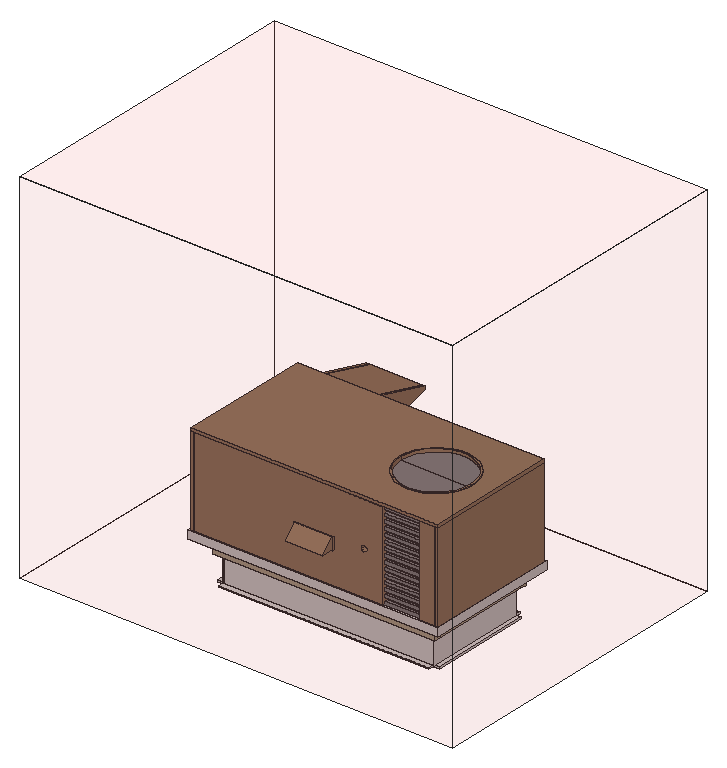
Revit family "Heat_Pump-Packaged_Rooftop-York-XP036-060-(3-5Ton)", category Mechanical Equipment, Revit 2023
Family settings
  Round Connector Dimension = Use Radius
  Part Type = Normal
  Work Plane-Based = No
  Always vertical = Yes
  Cut with Voids When Loaded = No
  Maintain Annotation Orientation = No
  Shared = No
  Room Calculation Point = No
Parameters (values of type "3 Ton - Electric Heat - 208V")
  Width = 44 7/8"
  Voltage = 0 V
  URL = "http://www.johnsoncontrols.com/publish/us/en.html"
  Supply Fan Full Load Current = 0 A
  Supply Air Connection Width [instance] = 18"
  Supply Air Connection Height [instance] = 12"
  Serial Number [instance] = ""
  Seasonal Energy Efficiency Rating = 13  # constant formula
  Return Air Dry Bulb Temperature [instance] = 75 °F
  Return Air Connection Width [instance] = 18"
  Return Air Connection Height [instance] = 12"
  Refrigerant Used = "R-410A"  # constant formula
  Refrigerant Charge = 13.00 lbf  # constant formula
  Product Page URL = "http://www.johnsoncontrols.com/publish/us/en/products/building_efficiency/integrated_hvac_systems/Industrial___Commercial_HVAC_Equipment/single-package_units/series_5.html"
  Power Factor = 1  # constant formula
  Power Exhaust Operating Weight = 50.00 lbf  # constant formula
  Outdoor Ambient Temperature [instance] = 75 °F
  Outdoor Air Wet Bulb Temperature [instance] = 75 °F
  Operating Weight = 575.00 lbf
  OD Fan Motor Full Load Current = 0 A
  Number of Poles = 1
  Nominal Cooling Capacity = 5.0 ton
  Nominal Air Flow = 1200 CFM
  Minimum Circuit Current = 0 A
  Minimum Applied Voltage = 0 V
  Maximum Overcurrent Protection = 0 A
  Maximum Applied Voltage = 0 V
  Hood Model [instance] = Commercial_Comfort_System-Single_Packaged_Unit-Johnson_Controls-Series_5-Economizer_Hood : Economizer Hood
  Heating Seasonal Performance Factor = 7.7  # constant formula
  Heating Nominal Input Power [instance] = 0 kW
  Frequency = 60 Hz  # constant formula
  Frame Finish = Paint - JCI - Powder - Champagne
  Filter Size and Quantity = "15x20-2, 14x25-1"  # constant formula
  Family Revision Date = "06/10/2010"  # constant formula
  External Static Pressure [instance] = 0 in-wg
  Evaporator Refrigerant Control = "TXV"  # constant formula
  Evaporator Coil Row Count = 4  # constant formula
  Evaporator Coil Fins per Inch = 13  # constant formula
  Energy Efficiency Rating = 11
  Electric Heat Wattage = 0 W
  Electric Heat Operating Weight = 28.00 lbf  # constant formula
  Electric Heat Model = ""
  Electric Heat Minimum Supply Air Flow [instance] = 0 CFM
  Electric Heat Current = 0 A
  Economizer Operating Weight = 50.00 lbf  # constant formula
  Direct Drive Motor Speed [instance] = ""
  Direct Drive Evaporator Fan Type = "Centrifugal"  # constant formula
  Direct Drive Evaporator Fan RPM = 1050  # constant formula
  Supply Air Connection Description = "Supply Air"  # constant formula
  Return Air Connection Description = "Return Air"  # constant formula
  Product Documentation Link = "http://www.johnsoncontrols.com/publish/etc/medialib/jci/be/commercial/products/industrial___commercial/single-package_units.Par.46166.File.dat/series%205%20JZJ-XP.pdf"
  Electrical Connection Description = "Equipment Power"  # constant formula
  OmniClass Title = "Packaged Air Conditioners"  # constant formula
  OmniClass Number = "23.75.10.24.21.27.11"  # constant formula
  Motorized Hood Visibility [instance] = no
  Model = "J04XP, Electric, Slab Mount"
  Manufacturer = "Johnson Controls, Inc."  # constant formula
  Length = 82 1/4"
  Keynote = "15700"
  Height = 32 5/8"
  Frame Material = Metal - JCI - Steel - Galvanized
  Economizer Hood Visibility [instance] = yes
  Design Supply Air Flow [instance] = 0 CFM
  Default Elevation = 0"
  Curb Width = 37 1/4"
  Curb Material = Metal - JCI - Galvanized Steel w Wood Nailer
  Curb Length = 73"
  Curb Height [instance] = 14"
  Curb Exists [instance] = yes
  Copyright © = "Copyright © 2001-2009 Johnson Controls"  # constant formula
  Convenience Outlet Voltage = 110 V  # constant formula
  Convenience Outlet Full Load Current = 0 A
  Convenience Outlet Electrical Connection Description = "Convenience Outlet Power"  # constant formula
  Convenience Outlet Visibility [instance] = yes
  Control Description [instance] = ""
  Control Connection Description = "Control Wiring"  # constant formula
  Condenser Fan Type = "Prop"  # constant formula
  Condenser Fan Horsepower = 0.7457 kW / 2  # 0.37285 kW
  Condenser Fan Drive Type = "Direct Drive"  # constant formula
  Condenser Coil Row Count = 2  # constant formula
  Condenser Coil Material = Metal - JCI - Aluminum Micro Channel
  Condenser Coil Fins per Inch = 18  # constant formula
  Condensate Drain Radius = Condensate Drain Connection Diameter / 2  # 3/8"
  Condensate Drain Connection Diameter = 3/4"
  Condensate Drain Connection Description = "Condensate Drain"  # constant formula
  Compressor Type = "Scroll"  # constant formula
  Compressor Running Load Current = 0 A
  Compressor Quantity = 1  # constant formula
  Compressor Maximum Continuous Current = 0 A
  Compressor Locked Rotor Current = 0 A
  Clearance Offset Top = 72"
  Clearance Offset Right = 24"
  Clearance Offset Left [instance] = if(Economizer Hood Visibility, 36", 24")  # 36"
  Clearance Offset Front = 24"
  Clearance Offset Bottom [instance] = if(Curb Exists, CTRL Curb Height, 0")  # 14"
  Clearance Offset Back [instance] = if(or(Motorized Hood Visibility, Economizer Hood Visibility), 36", 12")  # 36"
  Clearance [instance] = Included Clearance : Include Clearance
  CTRL Duct Offset [instance] = if(Curb Exists, 11 3/8", 10 5/8")  # 11 3/8"
  CTRL Duct Angle [instance] = if(Curb Exists, 90.00°, 0.00°)  # 90.00°
  CTRL Curb Height [instance] = if(Curb Exists, if(Curb Height < 9", 8", 14"), 0")  # 14"
  Description = "Air Handling Unit, Commercial Comfort Systems, Series 5, Electrical, 3 to 5 Ton Unit"  # constant formula
  Belt Drive RPM [instance] = 0
  Belt Drive Evaporator Fan Type = "Centrifugal"  # constant formula
  Belt Drive Evaporator Fan RPM = 1725  # constant formula
  Belt Drive Brake Horsepower [instance] = 0
  Assembly Code = "D3060300"
  Actual Supply Air Flow [instance] = 0 CFM
  Actual Return Air Flow [instance] = 0 CFM
  Actual Condensate Drain Flow [instance] = 0 GPM
Reference planes (in)
  plane 1 "Center (Front/Back)": y = 0
  plane 2 "Bottom": z = 14
  plane 3 "Center (Left/Right)": x = 0
  plane 4 "Back": y = 22.4375
  plane 5 "Front": y = -22.4375
  plane 6 "Left": x = -41.125
  plane 7 "Right": x = 41.125
  plane 8 "Top": z = 46.625
  plane 9 "Back Condenser Coil": x = 10.625
  plane 10 "Front Condenser Coil": x = 22.625
  plane 11 "Condenser Coil Front Offset": y = -21.4375
  plane 12 "Condenser Coil Back Offset": y = 21.4375
  plane 13 "Bottom Frame Top": z = 16.5
  plane 14 "Front Wall": y = -21.9375
  plane 15 "Bottom Hood Top": z = 31.0625
  plane 16 "Top Hood Bottom": z = 36.0625
  plane 17 "Back Wall": y = 21.9375
  plane 18 "Condensate Drain Elevation": z = 15.25
  plane 19 "Left Wall": x = -40.625
  plane 20 "Power Entry": y = -18.9375
  plane 21 "Power Entry Two": y = -12.1875
  plane 22 "Left Top Power": z = 22.25
  plane 23 "Left Control Entry": z = 18.375
  plane 24 "Side Ducts Middle": z = 24.375
  plane 25 "Top Ducts Height": z = 38.875
  plane 26 "Return Air Center": x = -24.5
  plane 27 "Damper Bottom": z = 33.125
  plane 28 "Back Offset": y = 24.4375
  plane 29 "Convenience Outlet": x = -42.125
  plane 30 "Right Offset": x = 43.125
  plane 31 "Front Offset": y = -24.4375
  plane 32 "Curb Bottom": z = 0
  plane 33 "Curb Center": y = 0.75
  plane 34 "Return Air Left": x = -33.25
  plane 35 "Return Air Right": x = -15.75
  plane 36 "Supply Air Left": x = -9.25
  plane 37 "Supply Air Right": x = 8.25
  plane 38 "Duct Top": z = 30.125
  plane 39 "Duct Bottom": z = 18.625
  plane 40 "Duct Back": y = 17.0625
  plane 41 "Duct Front": y = 5.5625
  plane 42 "Void Bottom": z = 13
  plane 43 "Supply Air Center": x = -0.5
  plane 44 "Bottom Ducts Center": y = 11.3125
Forms (in)
  Extrusion 1, solid, material "Paint - JCI - Powder - Champagne" <- "Frame Finish", visible <- "Curb Exists", detail levels medium+fine
    sketch origin (0, 0, 0) x (1, 0, 0) y (0, 0, 1)
      loop
        line (8.25, 30.125) -> (-9.25, 30.125) -> (-9.25, 18.625) -> (8.25, 18.625) -> (8.25, 30.125)
      loop
        line (-15.75, 30.125) -> (-33.25, 30.125) -> (-33.25, 18.625) -> (-15.75, 18.625) -> (-15.75, 30.125)
    from -21.9375 to -21.4375
  Revolve 2, void
    sketch origin (-0.5, 0, 0) x (0, -1, 0) y (0, 0, 1)
      loop
        line (-11.3125, 13) -> (-11.00783, 13) -> (-11.00783, 13.30467) -> (-11.3125, 13.30467) -> (-11.3125, 13)
      axis (-11.3125, 13.30467) -> (-11.3125, 13)
    angle from 0 to 360
  Revolve 3, void
    sketch origin (-24.5, 0, 0) x (0, -1, 0) y (0, 0, 1)
      loop
        line (-11.3125, 13) -> (-11.00783, 13) -> (-11.00783, 13.30467) -> (-11.3125, 13.30467) -> (-11.3125, 13)
      axis (-11.3125, 13.30467) -> (-11.3125, 13)
    angle from 0 to 360
Lines and regions (in)
  Masking region 1, detail levels coarse
    outline origin (0, 0, 0) x (1, 0, 0) y (0, 0, 1)
      loop
        line (-41.125, 46.625) -> (-41.125, 14) -> (41.125, 14) -> (41.125, 46.625) -> (-41.125, 46.625)
  Masking region 2, detail levels coarse
    outline origin (0, 0, 0) x (0, 1, 0) y (0, 0, 1)
      loop
        line (-22.4375, 46.625) -> (-22.4375, 14) -> (22.4375, 14) -> (22.4375, 46.625) -> (-22.4375, 46.625)
Dimensions and locks (in)
  equal spacing: plane 6 "Left", plane 3 "Center (Left/Right)", plane 7 "Right"
  "Length": plane 6 "Left" to plane 7 "Right"
  equal spacing: plane 4 "Back", plane 1 "Center (Front/Back)", plane 5 "Front"
  "Width": plane 4 "Back" to plane 5 "Front"
  "Height": plane 8 "Top" to plane 2 "Bottom"
  locked: plane 11 "Condenser Coil Front Offset" to plane 5 "Front" at 1
  locked: plane 13 "Bottom Frame Top" to plane 2 "Bottom" at 2.5
  locked: plane 9 "Back Condenser Coil" to plane 7 "Right" at 30.5
  locked: plane 9 "Back Condenser Coil" to plane 10 "Front Condenser Coil" at 12
  locked: plane 14 "Front Wall" to plane 5 "Front" at 0.5
  locked: plane 15 "Bottom Hood Top" to plane 13 "Bottom Frame Top" at 14.5625
  locked: plane 16 "Top Hood Bottom" to plane 15 "Bottom Hood Top" at 5
  locked: plane 18 "Condensate Drain Elevation" to plane 2 "Bottom" at 1.25
  locked: plane 2 "Bottom" to connector elem at 1.25
  locked: plane 6 "Left" to plane 19 "Left Wall" at 0.5
  locked: plane 20 "Power Entry" to plane 5 "Front" at 3.5
  locked: plane 21 "Power Entry Two" to plane 20 "Power Entry" at 6.75
  locked: plane 23 "Left Control Entry" to plane 2 "Bottom" at 4.375
  locked: plane 22 "Left Top Power" to plane 2 "Bottom" at 8.25
  locked: connector elem to plane 5 "Front" at 3.5  (x2)
  locked: plane 2 "Bottom" to connector elem at 4.375  (x2)
  locked: plane 2 "Bottom" to connector elem at 8.25
  locked: plane 2 "Bottom" to plane 24 "Side Ducts Middle" at 10.375
  locked: plane 2 "Bottom" to plane 25 "Top Ducts Height" at 24.875
  locked: plane 6 "Left" to plane 26 "Return Air Center" at 16.625
  locked: plane 28 "Back Offset" to plane 4 "Back" at 2
  locked: plane 7 "Right" to plane 30 "Right Offset" at 2
  locked: plane 5 "Front" to plane 31 "Front Offset" at 2
  locked: connector elem to plane 31 "Front Offset" at 12.25
  locked: plane 4 "Back" to plane 17 "Back Wall" at 0.5
  locked: plane 17 "Back Wall" to plane 12 "Condenser Coil Back Offset" at 0.5
  locked: connector elem to plane 1 "Center (Front/Back)"
  locked: plane 2 "Bottom" to plane 27 "Damper Bottom" at 19.125
  locked: plane 29 "Convenience Outlet" to plane 6 "Left" at 1
  "CTRL Curb Height": plane 32 "Curb Bottom" to plane 2 "Bottom"
  locked: plane 33 "Curb Center" to plane 1 "Center (Front/Back)" at 0.75
  locked: plane 26 "Return Air Center" to plane 35 "Return Air Right" at 8.75
  locked: plane 34 "Return Air Left" to plane 26 "Return Air Center" at 8.75
  locked: plane 35 "Return Air Right" to plane 36 "Supply Air Left" at 6.5
  locked: plane 36 "Supply Air Left" to plane 37 "Supply Air Right" at 17.5
  locked: plane 39 "Duct Bottom" to plane 24 "Side Ducts Middle" at 5.75
  locked: plane 24 "Side Ducts Middle" to plane 38 "Duct Top" at 5.75
  locked: plane 4 "Back" to plane 40 "Duct Back" at 5.375
  locked: plane 40 "Duct Back" to plane 41 "Duct Front" at 11.5
  locked: plane 2 "Bottom" to plane 42 "Void Bottom" at 1
  equal spacing: plane 40 "Duct Back", plane 44 "Bottom Ducts Center", plane 41 "Duct Front"
  locked: plane 36 "Supply Air Left" to plane 43 "Supply Air Center" at 8.75
  "CTRL Duct Offset": Revolve 2 sketch curve to Revolve 2 sketch curve
  locked: Revolve 2 sketch curve to Revolve 2 sketch curve at 0.30467  (x2)
  "CTRL Duct Offset": Revolve 3 sketch curve to Revolve 3 sketch curve
  locked: Revolve 3 sketch curve to Revolve 3 sketch curve at 0.30467  (x2)
  "CTRL Duct Angle": angle plane 24 "Side Ducts Middle" to Revolve 2 sketch curve
  locked: Revolve 2 sketch curve to Revolve 2 sketch curve (angle 90.00°)  (x3)
  "CTRL Duct Angle": angle plane 24 "Side Ducts Middle" to Revolve 3 sketch curve
  locked: Revolve 3 sketch curve to Revolve 3 sketch curve (angle 90.00°)  (x3)
  aligned and locked: plane 11 "Condenser Coil Front Offset" to nested 3
  aligned and locked: nested 2 to plane 12 "Condenser Coil Back Offset"
  aligned and locked: plane 10 "Front Condenser Coil" to nested 3
  aligned and locked: nested 2 to plane 9 "Back Condenser Coil"
  aligned and locked: plane 13 "Bottom Frame Top" to nested 3
  aligned and locked: plane 13 "Bottom Frame Top" to nested 2
  aligned and locked: nested 4 to plane 10 "Front Condenser Coil"
  aligned and locked: plane 1 "Center (Front/Back)" to nested 4
  aligned and locked: plane 8 "Top" to nested 4
  aligned and locked: plane 21 "Power Entry Two" to nested 5
  aligned and locked: plane 13 "Bottom Frame Top" to nested 5
  aligned and locked: plane 19 "Left Wall" to nested 5
  aligned and locked: plane 8 "Top" to nested 1
  aligned and locked: plane 1 "Center (Front/Back)" to nested 1
  aligned and locked: plane 3 "Center (Left/Right)" to nested 1
  aligned and locked: Masking region 1 sketch curve to plane 6 "Left"
  aligned and locked: plane 7 "Right" to Masking region 1 sketch curve
  aligned and locked: Masking region 1 sketch curve to plane 8 "Top"
  aligned and locked: plane 2 "Bottom" to Masking region 1 sketch curve
  aligned and locked: plane 5 "Front" to Masking region 2 sketch curve
  aligned and locked: Masking region 2 sketch curve to plane 4 "Back"
  aligned and locked: Masking region 2 sketch curve to plane 8 "Top"
  aligned and locked: plane 2 "Bottom" to Masking region 2 sketch curve
  aligned and locked: nested 6 to plane 1 "Center (Front/Back)"
  aligned and locked: plane 3 "Center (Left/Right)" to nested 6
  aligned and locked: plane 2 "Bottom" to nested 6
  aligned and locked: plane 3 "Center (Left/Right)" to nested 7
  aligned and locked: plane 15 "Bottom Hood Top" to nested 7
  aligned and locked: plane 14 "Front Wall" to nested 7
  aligned and locked: plane 17 "Back Wall" to nested 8
  aligned and locked: plane 27 "Damper Bottom" to nested 8
  aligned and locked: nested 8 to plane 26 "Return Air Center"
  aligned and locked: level to plane 32 "Curb Bottom"
  aligned and locked: plane 32 "Curb Bottom" to nested 9
  aligned and locked: plane 3 "Center (Left/Right)" to nested 9
  aligned and locked: nested 9 to plane 33 "Curb Center"
  aligned and locked: plane 37 "Supply Air Right" to Extrusion 1 sketch curve
  aligned and locked: Extrusion 1 sketch curve to plane 36 "Supply Air Left"
  aligned and locked: plane 35 "Return Air Right" to Extrusion 1 sketch curve
  aligned and locked: Extrusion 1 sketch curve to plane 34 "Return Air Left"
  aligned and locked: Extrusion 1 sketch curve to plane 38 "Duct Top"  (x2)
  aligned and locked: plane 39 "Duct Bottom" to Extrusion 1 sketch curve  (x2)
  aligned and locked: Extrusion 1 to plane 12 "Condenser Coil Back Offset"
  aligned and locked: plane 17 "Back Wall" to Extrusion 1
  aligned and locked: plane 24 "Side Ducts Middle" to Revolve 2 sketch curve
  aligned and locked: plane 44 "Bottom Ducts Center" to Revolve 2 sketch curve
  aligned and locked: Revolve 2 sketch curve to Revolve 2 sketch curve  (x2)
  aligned and locked: plane 24 "Side Ducts Middle" to Revolve 3 sketch curve
  aligned and locked: plane 44 "Bottom Ducts Center" to Revolve 3 sketch curve
  aligned and locked: Revolve 3 sketch curve to Revolve 3 sketch curve  (x2)
Nested families (in)
  nested 1: "Commercial_Comfort_System-Single_Packaged_Unit-Johnson_Controls-Series_5-Electric_Unit" at (-1, -5.15624, 14), type "Framing"
  nested 2: "Commercial_Comfort_System-Single_Packaged_Unit-Johnson_Controls-Series_5-Condenser_Coils" at (18.625, 14.25314, 16.5) x (-1, 0, 0) z (0, 0, 1), type "24 Inch Width"
  nested 3: "Commercial_Comfort_System-Single_Packaged_Unit-Johnson_Controls-Series_5-Condenser_Coils" at (32.625, -14.25314, 16.5), type "12 Inch Width"
    with Width 12"
  nested 4: "Commercial_Comfort_System-Single_Packaged_Unit-Johnson_Controls-Series_5-Condenser_Fans" at (24.625, 2.5, 40.625), type "Fan"
  nested 5: "Commercial_Comfort_System-Single_Packaged_Unit-Johnson_Controls-Series_5-Convenience_Outlet" at (-40.875, -12.1875, 16.5) x (0, 1, 0) z (0, 0, 1), visible <- "Convenience Outlet Visibility", type "Outlet"
  nested 6: "Included Clearance" at (0, 0, 14), type <- "Clearance", type "Include Clearance"
    with Width 82 1/4", Height 32 5/8", Depth 44 7/8", Clearance Top 72", Clearance Right 24", Clearance Left 36", Clearance Front 24", Clearance Bottom 14", Clearance Back 36"
  nested 7: "Commercial_Comfort_System-Single_Packaged_Unit-Johnson_Controls-Series_5-Hoods" at (0, -23.9375, 27.0625), type "12 Inch Hood"
  nested 8: "Commercial_Comfort_System-Single_Packaged_Unit-Johnson_Controls-Series_5-Economizer_Hood" at (-21, 32.9375, 33.125), type <- "Hood Model", type "Economizer Hood"
  nested 9: "Commercial_Comfort_System-Single_Packaged_Unit-Johnson_Controls-Series_20-Curb" at (0, 0.75, 0), visible <- "Curb Exists", type "Commercial_Comfort_System-Single_Packaged_Unit-Johnson_Controls-Series_20-Curb"
Connectors (in)
  piping at (-41.125, 0, 15.25), diameter 0.75, driven by "Condensate Drain Radius", driven by "Condensate Drain Connection Description", driven by "Actual Condensate Drain Flow"
    settings: index 1, connector inside diameter 3/4", connector length 0", flow factor 0, pipe flow 0 GPM, pressure drop 0.00 psi, fitting loss kfactor 0, connector angle 0.00°, fixture units 0, engagement length 0", angle of deflection 0.00°, flow configuration 1, flow direction 2, fitting loss method 0, system type 16, joint type 0, gender type 0, connector reference index -1, connector utility 0, adjustable connector no, is connector primary yes, connector description "Condensate Drain"
  electrical at (-40.625, -18.9375, 18.375), driven by "Control Connection Description"
    settings: index 2, voltage 0 V, apparent load 0 VA, apparent load phase1 0 VA, apparent load phase2 0 VA, apparent load phase3 0 VA, power factor 1, load classification "Other", number of poles 1, system type 13, power factor state 1, is connector primary no, connector utility no, sub classification motor no, connector description "Control Wiring"
  electrical at (-40.625, -18.9375, 22.25), driven by "Number of Poles", driven by "Electrical Connection Description", driven by "Voltage", driven by "Power Factor"
    settings: index 3, voltage 0 V, apparent load 0 VA, apparent load phase1 0 VA, apparent load phase2 0 VA, apparent load phase3 0 VA, power factor 1, load classification "HVAC", number of poles 1, system type 30, power factor state 1, is connector primary yes, connector utility no, sub classification motor no, connector description "Equipment Power"
  electrical at (-42.125, -12.1875, 18.375), driven by "Power Factor", driven by "Convenience Outlet Voltage", driven by "Number of Poles", driven by "Convenience Outlet Electrical Connection Description"
    settings: index 8, voltage 110 V, apparent load 0 VA, apparent load phase1 0 VA, apparent load phase2 0 VA, apparent load phase3 0 VA, power factor 1, load classification "Power", number of poles 1, system type 30, power factor state 0, is connector primary no, connector utility no, sub classification motor no, connector description "Convenience Outlet Power"
  hvac at (-0.5, 11.3125, 13), driven by "Actual Supply Air Flow", driven by "Supply Air Connection Description"
    settings: on Revolve 2, index 9, duct flow 0 CFM, flow factor 0, pres drop 0 in-wg, loss coef 0, conn angle 0.00°, conn width 12", conn height 18", conn diameter 24", duct sys type 1, conn prof type 1, flow config 0, flow direction 2, loss method 0, conn ref index 10, conn util no, is conn primary yes, conn desc "Supply Air"
  hvac at (-24.5, 11.3125, 13), driven by "Actual Return Air Flow", driven by "Return Air Connection Description"
    settings: on Revolve 3, index 10, duct flow 0 CFM, flow factor 0, pres drop 0 in-wg, loss coef 0, conn angle 0.00°, conn width 12", conn height 18", conn diameter 24", duct sys type 2, conn prof type 1, flow config 0, flow direction 1, loss method 0, conn ref index 9, conn util no, is conn primary no, conn desc "Return Air"
Definition of nested family "Commercial_Comfort_System-Single_Packaged_Unit-Johnson_Controls-Series_5-Electric_Unit"
  Parameters
    Width = 82 1/4"
    Scroll Compressor Access Radius = 1"
    Power Wiring Radius = 1"
    Powder Paint Finish = none
    Model = "Series 5 Electric Unit"  # constant formula
    Manufacturer = "Johnson Controls"  # constant formula
    Height = 32 5/8"
    Framing Material = none
    Fan Radius = 12"
    Depth = 44 7/8"
    Default Elevation = 0"
    Control Wiring Radius = 7/16"
    Condensate Drain Radius = 3/8"
    Base Height = 2 1/2"
  Reference planes (in)
    plane 1 "Center (Front/Back)": y = 5.15624
    plane 2 "Bottom": z = 0
    plane 3 "Center (Left/Right)": x = 1
    plane 4 "Left": x = -40.125
    plane 5 "Right": x = 42.125
    plane 6 "Back": y = 27.59374
    plane 7 "Front": y = -17.28126
    plane 8 "Base Top": z = 2.5
    plane 9 "Return Left": x = -32.25
    plane 10 "Return Right": x = -14.75
    plane 11 "Supply Left": x = -8.25
    plane 12 "Supply Right": x = 9.25
    plane 13 "Vents Back": y = 22.21874
    plane 14 "Vents Front": y = 10.71874
    plane 15 "Power and Control Wiring": x = -31.75
    plane 16 "Gas Supply Entry": x = -7.875
    plane 17 "Gas Entry Back": y = -10.78126
    plane 18 "Control Wiring Back": y = -9.15626
    plane 19 "Power Wiring Back": y = -2.40626
    plane 20 "Condensate Drain Elevation": z = 1.25
    plane 21 "Top": z = 32.625
    plane 22 "Left Offset": x = -39.625
    plane 23 "Front Offset": y = -16.78126
    plane 24 "Right Offset": x = 41.625
    plane 25 "Back Offset": y = 27.09374
    plane 26 "Left Wall": x = -38.625
    plane 27 "Right Wall": x = 40.625
    plane 28 "Top Thickness": z = 31.625
    plane 29 "Gas Supply Entry One": z = 7
    plane 30 "Gas Supply Entry Two": z = 11.375
    plane 31 "Front Wall": y = -14.78126
    plane 32 "Back Wall": y = 25.09374
    plane 33 "Fan Offset Right": x = 35.625
    plane 34 "Fan Offset Left": x = 11.625
    plane 35 "Fan Middle": x = 23.625
    plane 36 "Vertical Face Middle": z = 17.0625
    plane 37 "Scroll Compressor Access": x = 17.625
    plane 38 "Vertical Power Wiring Entry": y = -13.78126
    plane 39 "Vertical Control Wiring Entry": y = -7.03126
    plane 40 "Vertical Wiring Entry One": z = 4.375
    plane 41 "Vertical Wiring Entry Two": z = 8.25
    plane 42 "Rear Vents Left Edge": x = -32.25
    plane 43 "Left Rear Vents Right Edge": x = -14.75
    plane 44 "Right Rear Vent Left Edge": x = -8.25
    plane 45 "Right Rear Vent Right Edge": x = 9.25
    plane 46 "Bottom Rear Vents Bottom": z = 4.625
    plane 47 "Bottom Rear Vents Top": z = 16.125
    plane 48 "Top Rear Vent Bottom": z = 19.125
    plane 49 "Top Rear Vent Top": z = 30.625
  Forms (in)
    Extrusion 1, solid, material <- "Framing Material", detail levels medium+fine
      sketch origin (0, 0, 0) x (1, 0, 0) y (0, 1, 0)
        loop
          line (-40.125, 27.59374) -> (-40.125, -17.28126) -> (42.125, -17.28126) -> (42.125, 27.59374) -> (-40.125, 27.59374)
        loop
          line (-32.25, 22.21874) -> (-32.25, 10.71874) -> (-14.75, 10.71874) -> (-14.75, 22.21874) -> (-32.25, 22.21874)
        loop
          line (-8.25, 22.21874) -> (-8.25, 10.71874) -> (9.25, 10.71874) -> (9.25, 22.21874) -> (-8.25, 22.21874)
        loop
          circle (-31.75, -9.15626) r 0.4375
        loop
          circle (-31.75, -2.40626) r 1
      from 0 to 2.5
    Extrusion 2, void
      sketch origin (1, 0, 0) x (0, 1, 0) y (0, 0, 1)
        loop
          circle (5.15624, 1.25) r 0.375
      from -41.125 to -33.25
    Extrusion 3, solid, material <- "Framing Material", detail levels medium+fine
      sketch origin (0, 0, 0) x (1, 0, 0) y (0, 1, 0)
        loop
          line (40.625, 27.09374) -> (40.625, -16.78126) -> (41.625, -16.78126) -> (41.625, 27.09374) -> (40.625, 27.09374)
      from 2.5 to 31.625
    Extrusion 4, solid, material <- "Framing Material", detail levels medium+fine
      sketch origin (1, 0, 0) x (0, 1, 0) y (0, 0, 1)
        loop
          line (27.09374, 31.625) -> (-16.78126, 31.625) -> (-16.78126, 2.5) -> (27.09374, 2.5) -> (27.09374, 31.625)
        loop
          circle (-13.78126, 8.25) r 1
        loop
          circle (-7.03126, 4.375) r 1
        loop
          circle (-13.78126, 4.375) r 0.4375
      from -40.625 to -39.625
    Extrusion 5, solid, detail levels medium+fine
      sketch origin (0, 5.15624, 0) x (1, 0, 0) y (0, 0, 1)
        loop
          line (-38.625, 31.625) -> (-38.625, 2.5) -> (23.625, 2.5) -> (23.625, 31.625) -> (-38.625, 31.625)
        loop
          line (35.625, 31.625) -> (35.625, 2.5) -> (40.625, 2.5) -> (40.625, 31.625) -> (35.625, 31.625)
        loop
          circle (17.625, 17.0625) r 1
      from 19.9375 to 21.9375
    Extrusion 6, solid, material <- "Framing Material", detail levels medium+fine
      sketch origin (0, 5.15624, 0) x (1, 0, 0) y (0, 0, 1)
        loop
          line (40.625, 31.625) -> (35.625, 31.625) -> (35.625, 2.5) -> (40.625, 2.5) -> (40.625, 31.625)
        loop
          line (11.625, 31.625) -> (-38.625, 31.625) -> (-38.625, 2.5) -> (11.625, 2.5) -> (11.625, 31.625)
        loop
          line (-14.75, 30.625) -> (-32.25, 30.625) -> (-32.25, 19.125) -> (-14.75, 19.125) -> (-14.75, 30.625)
        loop
          line (-14.75, 16.125) -> (-32.25, 16.125) -> (-32.25, 4.625) -> (-14.75, 4.625) -> (-14.75, 16.125)
        loop
          line (9.25, 16.125) -> (-8.25, 16.125) -> (-8.25, 4.625) -> (9.25, 4.625) -> (9.25, 16.125)
      from -21.9375 to -19.9375
    Extrusion 7, solid, material <- "Framing Material", detail levels medium+fine
      sketch origin (0, 0, 0) x (1, 0, 0) y (0, 1, 0)
        loop
          line (-39.625, 27.09374) -> (-39.625, -16.78126) -> (41.625, -16.78126) -> (41.625, 27.09374) -> (-39.625, 27.09374)
        loop
          circle (23.625, 5.15624) r 12
      from 31.625 to 32.625
  Cuts and joins
    Extrusion 2 cuts Extrusion 1
  Lines and regions (in)
    Masking region 1
      outline origin (0, 5.15624, 0) x (1, 0, 0) y (0, 0, 1)
        loop
          line (-40.125, 0) -> (42.125, 0) -> (42.125, 2.5) -> (-40.125, 2.5) -> (-40.125, 0)
    Masking region 2
      outline origin (0, -14.78126, 0) x (-1, 0, 0) y (0, 0, 1)
        loop
          line (39.625, 32.625) -> (-37.97854, 32.625) -> (-41.625, 32.625) -> (-41.625, 2.5) -> (-35.625, 2.5) -> (-35.625, 31.625) -> (-23.625, 31.625) -> (-23.625, 2.5) -> (39.625, 2.5) -> (39.625, 32.625)
    Masking region 3
      outline origin (0, 25.09374, 0) x (-1, 0, 0) y (0, 0, 1)
        loop
          line (-41.625, 32.625) -> (-41.625, 2.5) -> (-35.625, 2.5) -> (-35.625, 31.625) -> (-11.625, 31.625) -> (-11.625, 2.5) -> (39.625, 2.5) -> (39.625, 32.625) -> (-41.625, 32.625)
        loop
          line (14.75, 30.625) -> (14.75, 19.125) -> (32.25, 19.125) -> (32.25, 30.625) -> (14.75, 30.625)
        loop
          line (14.75, 16.125) -> (14.75, 4.625) -> (32.25, 4.625) -> (32.25, 16.125) -> (14.75, 16.125)
        loop
          line (-9.25, 16.125) -> (-9.25, 4.625) -> (8.25, 4.625) -> (8.25, 16.125) -> (-9.25, 16.125)
    Masking region 4
      outline origin (1, 0, 0) x (0, 1, 0) y (0, 0, 1)
        loop
          line (27.59374, 2.5) -> (-17.28126, 2.5) -> (-17.28126, 0) -> (27.59374, 0) -> (27.59374, 2.5)
    Masking region 5
      outline origin (1, 0, 0) x (0, 1, 0) y (0, 0, 1)
        loop
          line (27.09374, 32.625) -> (-16.78126, 32.625) -> (-16.78126, 2.5) -> (27.09374, 2.5) -> (27.09374, 32.625)
    Masking region 6
      outline origin (0, 0, 2.5) x (-1, 0, 0) y (0, -1, 0)
        loop
          line (39.625, -27.09374) -> (39.625, 16.78126) -> (-41.625, 16.78126) -> (-41.625, -27.09374) -> (39.625, -27.09374)
    Masking region 7, detail levels medium+fine
      outline origin (0, 0, 2.5) x (-1, 0, 0) y (0, -1, 0)
        loop
          line (40.125, -27.59374) -> (40.125, 17.28126) -> (-42.125, 17.28126) -> (-42.125, -27.59374) -> (40.125, -27.59374)
    symbolic lines
      curve 1: circle (17.625, -14.78126, 17.0625) r 1 normal (0, 1, 0)
      curve 2: circle (-40.125, -7.03126, 4.375) r 1 normal (-1, 0, 0)
      curve 3: circle (-40.125, -13.78126, 4.375) r 0.4375 normal (-1, 0, 0)
      curve 4: circle (-40.125, -13.78126, 8.25) r 1 normal (-1, 0, 0)
      curve 5: circle (-40.125, 5.15624, 1.25) r 0.375 normal (-1, 0, 0)
    model lines, detail levels coarse+medium
      curve 6: line (-40.125, 27.59374, 0) -> (42.125, 27.59374, 0)
      curve 7: line (-40.125, -17.28126, 0) -> (-40.125, 27.59374, 0)
      curve 8: line (42.125, -17.28126, 0) -> (-40.125, -17.28126, 0)
      curve 9: line (42.125, 27.59374, 0) -> (42.125, -17.28126, 0)
      curve 10: line (-40.125, 27.59374, 2.5) -> (42.125, 27.59374, 2.5)
      curve 11: line (-40.125, -17.28126, 2.5) -> (-40.125, 27.59374, 2.5)
      curve 12: line (42.125, -17.28126, 2.5) -> (-40.125, -17.28126, 2.5)
      curve 13: line (42.125, 27.59374, 2.5) -> (42.125, -17.28126, 2.5)
      curve 14: line (-39.625, 27.09374, 32.625) -> (41.625, 27.09374, 32.625)
      curve 15: line (-39.625, -16.78126, 32.625) -> (-39.625, 27.09374, 32.625)
      curve 16: line (41.625, -16.78126, 32.625) -> (-39.625, -16.78126, 32.625)
      curve 17: line (41.625, 27.09374, 32.625) -> (41.625, -16.78126, 32.625)
      curve 18: line (-39.625, 27.09374, 2.5) -> (41.625, 27.09374, 2.5)
      curve 19: line (-39.625, -16.78126, 2.5) -> (-39.625, 27.09374, 2.5)
      curve 20: line (41.625, -16.78126, 2.5) -> (-39.625, -16.78126, 2.5)
      curve 21: line (41.625, 27.09374, 2.5) -> (41.625, -16.78126, 2.5)
      curve 22: line (-40.125, -17.28126, 0) -> (-40.125, -17.28126, 2.5)
      curve 23: line (42.125, -17.28126, 0) -> (42.125, -17.28126, 2.5)
      curve 24: line (-40.125, 27.59374, 0) -> (-40.125, 27.59374, 2.5)
      curve 25: line (42.125, 27.59374, 0) -> (42.125, 27.59374, 2.5)
      curve 26: line (-39.625, 27.09374, 2.5) -> (-39.625, 27.09374, 32.625)
      curve 27: line (41.625, 27.09374, 2.5) -> (41.625, 27.09374, 32.625)
      curve 28: line (-39.625, -16.78126, 2.5) -> (-39.625, -16.78126, 32.625)
      curve 29: line (41.625, -16.78126, 2.5) -> (41.625, -16.78126, 32.625)
      curve 30: line (-32.25, 27.09374, 30.625) -> (-14.75, 27.09374, 30.625)
      curve 31: line (-32.25, 27.09374, 19.125) -> (-32.25, 27.09374, 30.625)
      curve 32: line (-14.75, 27.09374, 19.125) -> (-32.25, 27.09374, 19.125)
      curve 33: line (-14.75, 27.09374, 30.625) -> (-14.75, 27.09374, 19.125)
      curve 34: line (-32.25, 27.09374, 16.125) -> (-14.75, 27.09374, 16.125)
      curve 35: line (-32.25, 27.09374, 4.625) -> (-32.25, 27.09374, 16.125)
      curve 36: line (-14.75, 27.09374, 4.625) -> (-32.25, 27.09374, 4.625)
      curve 37: line (-14.75, 27.09374, 16.125) -> (-14.75, 27.09374, 4.625)
      curve 38: line (-8.25, 27.09374, 16.125) -> (9.25, 27.09374, 16.125)
      curve 39: line (-8.25, 27.09374, 4.625) -> (-8.25, 27.09374, 16.125)
      curve 40: line (9.25, 27.09374, 4.625) -> (-8.25, 27.09374, 4.625)
      curve 41: line (9.25, 27.09374, 16.125) -> (9.25, 27.09374, 4.625)
      curve 42: circle (-40.125, 5.15624, 1.25) r 0.375 normal (-1, 0, 0)
      curve 43: circle (-39.625, -7.03126, 4.375) r 1 normal (-1, 0, 0)
      curve 44: circle (-39.625, -13.78126, 4.375) r 0.4375 normal (-1, 0, 0)
      curve 45: circle (-39.625, -13.78126, 8.25) r 1 normal (-1, 0, 0)
      curve 46: circle (17.625, -16.78126, 17.0625) r 1 normal (0, 1, 0)
  Dimensions and locks (in)
    equal spacing: plane 6 "Back", plane 1 "Center (Front/Back)", plane 7 "Front"
    "Depth": plane 6 "Back" to plane 7 "Front"
    equal spacing: plane 4 "Left", plane 3 "Center (Left/Right)", plane 5 "Right"
    "Width": plane 4 "Left" to plane 5 "Right"
    "Base Height": plane 8 "Base Top" to plane 2 "Bottom"
    locked: plane 6 "Back" to plane 13 "Vents Back" at 5.375
    locked: plane 13 "Vents Back" to plane 14 "Vents Front" at 11.5
    plane 4 "Left" to plane 9 "Return Left" = 7 7/8"
    locked: plane 9 "Return Left" to plane 10 "Return Right" at 17.5
    locked: plane 10 "Return Right" to plane 11 "Supply Left" at 6.5
    locked: plane 11 "Supply Left" to plane 12 "Supply Right" at 17.5
    locked: plane 4 "Left" to plane 15 "Power and Control Wiring" at 8.375
    locked: plane 4 "Left" to plane 16 "Gas Supply Entry" at 32.25
    locked: plane 17 "Gas Entry Back" to plane 7 "Front" at 6.5
    locked: plane 18 "Control Wiring Back" to plane 7 "Front" at 8.125
    locked: plane 19 "Power Wiring Back" to plane 18 "Control Wiring Back" at 6.75
    locked: plane 19 "Power Wiring Back" to Extrusion 1 sketch curve at 1
    locked: plane 15 "Power and Control Wiring" to Extrusion 1 sketch curve at 1
    locked: plane 15 "Power and Control Wiring" to Extrusion 1 sketch curve at 0.4375
    locked: plane 18 "Control Wiring Back" to Extrusion 1 sketch curve at 0.4375
    equal spacing: plane 8 "Base Top", plane 20 "Condensate Drain Elevation", plane 2 "Bottom"
    locked: plane 20 "Condensate Drain Elevation" to Extrusion 2 sketch curve at 0.375
    locked: plane 1 "Center (Front/Back)" to Extrusion 2 sketch curve at 0.375
    "Height": plane 21 "Top" to plane 2 "Bottom"
    locked: plane 4 "Left" to plane 22 "Left Offset" at 0.5
    locked: plane 22 "Left Offset" to plane 26 "Left Wall" at 1
    locked: plane 24 "Right Offset" to plane 5 "Right" at 0.5
    locked: plane 27 "Right Wall" to plane 24 "Right Offset" at 1
    locked: plane 29 "Gas Supply Entry One" to plane 2 "Bottom" at 7
    locked: plane 30 "Gas Supply Entry Two" to plane 29 "Gas Supply Entry One" at 4.375
    locked: plane 23 "Front Offset" to plane 7 "Front" at 0.5
    locked: plane 31 "Front Wall" to plane 23 "Front Offset" at 2
    locked: plane 6 "Back" to plane 25 "Back Offset" at 0.5
    locked: plane 25 "Back Offset" to plane 32 "Back Wall" at 2
    locked: plane 33 "Fan Offset Right" to plane 24 "Right Offset" at 6
    locked: plane 34 "Fan Offset Left" to plane 33 "Fan Offset Right" at 24
    locked: plane 35 "Fan Middle" to plane 33 "Fan Offset Right" at 12
    locked: plane 28 "Top Thickness" to plane 36 "Vertical Face Middle" at 14.5625
    equal spacing: plane 34 "Fan Offset Left", plane 37 "Scroll Compressor Access", plane 35 "Fan Middle"
    locked: plane 36 "Vertical Face Middle" to Extrusion 5 sketch curve at 1
    locked: plane 37 "Scroll Compressor Access" to Extrusion 5 sketch curve at 1
    locked: plane 38 "Vertical Power Wiring Entry" to plane 7 "Front" at 3.5
    locked: plane 39 "Vertical Control Wiring Entry" to plane 7 "Front" at 10.25
    locked: plane 40 "Vertical Wiring Entry One" to plane 2 "Bottom" at 4.375
    locked: plane 41 "Vertical Wiring Entry Two" to plane 2 "Bottom" at 8.25
    locked: Extrusion 4 sketch curve to plane 38 "Vertical Power Wiring Entry" at 1
    locked: plane 41 "Vertical Wiring Entry Two" to Extrusion 4 sketch curve at 1
    locked: plane 4 "Left" to plane 42 "Rear Vents Left Edge" at 7.875
    locked: plane 42 "Rear Vents Left Edge" to plane 43 "Left Rear Vents Right Edge" at 17.5
    locked: plane 43 "Left Rear Vents Right Edge" to plane 44 "Right Rear Vent Left Edge" at 6.5
    locked: plane 44 "Right Rear Vent Left Edge" to plane 45 "Right Rear Vent Right Edge" at 17.5
    locked: plane 2 "Bottom" to plane 46 "Bottom Rear Vents Bottom" at 4.625
    locked: plane 46 "Bottom Rear Vents Bottom" to plane 47 "Bottom Rear Vents Top" at 11.5
    locked: plane 47 "Bottom Rear Vents Top" to plane 48 "Top Rear Vent Bottom" at 3
    locked: plane 48 "Top Rear Vent Bottom" to plane 49 "Top Rear Vent Top" at 11.5
    locked: Extrusion 7 sketch curve to plane 1 "Center (Front/Back)" at 12
    locked: plane 35 "Fan Middle" to Extrusion 7 sketch curve at 12
    locked: plane 36 "Vertical Face Middle" to curve 1 at 1
    locked: plane 37 "Scroll Compressor Access" to curve 1 at 1
    locked: plane 41 "Vertical Wiring Entry Two" to curve 4 at 1
    locked: plane 38 "Vertical Power Wiring Entry" to curve 4 at 1
    locked: plane 1 "Center (Front/Back)" to curve 5 at 0.375
    locked: plane 20 "Condensate Drain Elevation" to curve 5 at 0.375
    locked: plane 1 "Center (Front/Back)" to curve 42 at 0.375
    locked: plane 20 "Condensate Drain Elevation" to curve 42 at 0.375
    locked: plane 38 "Vertical Power Wiring Entry" to curve 45 at 1
    locked: plane 41 "Vertical Wiring Entry Two" to curve 45 at 1
    locked: curve 46 to plane 37 "Scroll Compressor Access" at 1
    locked: plane 36 "Vertical Face Middle" to curve 46 at 1
    locked: plane 40 "Vertical Wiring Entry One" to Extrusion 4 sketch curve at 1
    locked: plane 39 "Vertical Control Wiring Entry" to Extrusion 4 sketch curve at 1
    locked: plane 40 "Vertical Wiring Entry One" to Extrusion 4 sketch curve at 0.4375
    locked: plane 38 "Vertical Power Wiring Entry" to Extrusion 4 sketch curve at 0.4375
    locked: plane 39 "Vertical Control Wiring Entry" to curve 2 at 1
    locked: plane 39 "Vertical Control Wiring Entry" to curve 43 at 1
    locked: plane 40 "Vertical Wiring Entry One" to curve 2 at 1
    locked: plane 40 "Vertical Wiring Entry One" to curve 43 at 1
    locked: plane 38 "Vertical Power Wiring Entry" to curve 3 at 0.4375
    locked: plane 38 "Vertical Power Wiring Entry" to curve 44 at 0.4375
    locked: plane 40 "Vertical Wiring Entry One" to curve 3 at 0.4375
    locked: plane 40 "Vertical Wiring Entry One" to curve 44 at 0.4375
    "Power Wiring Radius": radius of Extrusion 1 sketch curve
    "Control Wiring Radius": radius of Extrusion 1 sketch curve
    "Condensate Drain Radius": radius of Extrusion 2 sketch curve
    "Scroll Compressor Access Radius": radius of Extrusion 5 sketch curve
    "Power Wiring Radius": radius of Extrusion 4 sketch curve  (x2)
    "Fan Radius": radius of Extrusion 7 sketch curve
    "Scroll Compressor Access Radius": radius of curve 1
    "Power Wiring Radius": radius of curve 4
    "Condensate Drain Radius": radius of curve 5
    "Condensate Drain Radius": radius of curve 42
    "Power Wiring Radius": radius of curve 45
    "Scroll Compressor Access Radius": radius of curve 46
    "Control Wiring Radius": radius of Extrusion 4 sketch curve
    "Power Wiring Radius": radius of curve 2
    "Power Wiring Radius": radius of curve 43
    "Control Wiring Radius": radius of curve 3
    "Control Wiring Radius": radius of curve 44
    aligned and locked: level to plane 2 "Bottom"
    aligned and locked: plane 5 "Right" to Extrusion 1 sketch curve
    aligned and locked: Extrusion 1 sketch curve to plane 6 "Back"
    aligned and locked: Extrusion 1 sketch curve to plane 4 "Left"
    aligned and locked: plane 7 "Front" to Extrusion 1 sketch curve
    aligned and locked: Extrusion 1 sketch curve to plane 13 "Vents Back"  (x2)
    aligned and locked: plane 14 "Vents Front" to Extrusion 1 sketch curve  (x2)
    aligned and locked: plane 12 "Supply Right" to Extrusion 1 sketch curve
    aligned and locked: Extrusion 1 sketch curve to plane 11 "Supply Left"
    aligned and locked: plane 10 "Return Right" to Extrusion 1 sketch curve
    aligned and locked: Extrusion 1 sketch curve to plane 9 "Return Left"
    aligned and locked: Extrusion 1 to plane 2 "Bottom"
    aligned and locked: plane 8 "Base Top" to Extrusion 1
    aligned and locked: plane 4 "Left" to Extrusion 2
    aligned and locked: Extrusion 2 to plane 9 "Return Left"
    aligned and locked: Extrusion 3 sketch curve to plane 25 "Back Offset"
    aligned and locked: plane 23 "Front Offset" to Extrusion 3 sketch curve
    aligned and locked: plane 24 "Right Offset" to Extrusion 3 sketch curve
    aligned and locked: Extrusion 3 sketch curve to plane 27 "Right Wall"
    aligned and locked: plane 28 "Top Thickness" to Extrusion 3
    aligned and locked: Extrusion 3 to plane 8 "Base Top"
    aligned and locked: plane 8 "Base Top" to Extrusion 4 sketch curve
    aligned and locked: plane 23 "Front Offset" to Extrusion 4 sketch curve
    aligned and locked: Extrusion 4 sketch curve to plane 25 "Back Offset"
    aligned and locked: Extrusion 4 sketch curve to plane 28 "Top Thickness"
    aligned and locked: Extrusion 4 to plane 26 "Left Wall"
    aligned and locked: plane 22 "Left Offset" to Extrusion 4
    aligned and locked: plane 8 "Base Top" to Extrusion 5 sketch curve  (x2)
    aligned and locked: Extrusion 5 sketch curve to plane 26 "Left Wall"
    aligned and locked: Extrusion 5 sketch curve to plane 28 "Top Thickness"  (x2)
    aligned and locked: Extrusion 5 to plane 23 "Front Offset"
    aligned and locked: plane 31 "Front Wall" to Extrusion 5
    aligned and locked: plane 35 "Fan Middle" to Extrusion 5 sketch curve
    aligned and locked: plane 27 "Right Wall" to Extrusion 5 sketch curve
    aligned and locked: Extrusion 5 sketch curve to plane 33 "Fan Offset Right"
    aligned and locked: Extrusion 6 sketch curve to plane 28 "Top Thickness"  (x2)
    aligned and locked: plane 8 "Base Top" to Extrusion 6 sketch curve  (x2)
    aligned and locked: Extrusion 6 sketch curve to plane 33 "Fan Offset Right"
    aligned and locked: plane 27 "Right Wall" to Extrusion 6 sketch curve
    aligned and locked: plane 34 "Fan Offset Left" to Extrusion 6 sketch curve
    aligned and locked: Extrusion 6 sketch curve to plane 26 "Left Wall"
    aligned and locked: Extrusion 6 sketch curve to plane 44 "Right Rear Vent Left Edge"
    aligned and locked: plane 45 "Right Rear Vent Right Edge" to Extrusion 6 sketch curve
    aligned and locked: plane 43 "Left Rear Vents Right Edge" to Extrusion 6 sketch curve  (x2)
    aligned and locked: Extrusion 6 sketch curve to plane 42 "Rear Vents Left Edge"  (x2)
    aligned and locked: Extrusion 6 sketch curve to plane 49 "Top Rear Vent Top"
    aligned and locked: plane 48 "Top Rear Vent Bottom" to Extrusion 6 sketch curve
    aligned and locked: Extrusion 6 sketch curve to plane 47 "Bottom Rear Vents Top"  (x2)
    aligned and locked: plane 46 "Bottom Rear Vents Bottom" to Extrusion 6 sketch curve  (x2)
    aligned and locked: plane 25 "Back Offset" to Extrusion 6
    aligned and locked: Extrusion 6 to plane 32 "Back Wall"
    aligned and locked: Extrusion 7 sketch curve to plane 22 "Left Offset"
    aligned and locked: Extrusion 7 sketch curve to plane 25 "Back Offset"
    aligned and locked: plane 23 "Front Offset" to Extrusion 7 sketch curve
    aligned and locked: plane 24 "Right Offset" to Extrusion 7 sketch curve
    aligned and locked: Extrusion 7 to plane 28 "Top Thickness"
    aligned and locked: plane 21 "Top" to Extrusion 7
    aligned and locked: plane 4 "Left" to Masking region 1 sketch curve
    aligned and locked: Masking region 1 sketch curve to plane 5 "Right"
    aligned and locked: Masking region 1 sketch curve to plane 2 "Bottom"
    aligned and locked: plane 8 "Base Top" to Masking region 1 sketch curve
    aligned and locked: Masking region 2 sketch curve to plane 22 "Left Offset"
    aligned and locked: Masking region 2 sketch curve to plane 21 "Top"  (x2)
    aligned and locked: plane 8 "Base Top" to Masking region 2 sketch curve  (x2)
    aligned and locked: plane 35 "Fan Middle" to Masking region 2 sketch curve
    aligned and locked: Masking region 2 sketch curve to plane 33 "Fan Offset Right"
    aligned and locked: plane 24 "Right Offset" to Masking region 2 sketch curve
    aligned and locked: Masking region 2 sketch curve to plane 28 "Top Thickness"
    aligned and locked: Masking region 3 sketch curve to plane 21 "Top"
    aligned and locked: plane 24 "Right Offset" to Masking region 3 sketch curve
    aligned and locked: Masking region 3 sketch curve to plane 22 "Left Offset"
    aligned and locked: plane 8 "Base Top" to Masking region 3 sketch curve
    aligned and locked: Masking region 3 sketch curve to plane 28 "Top Thickness"
    aligned and locked: plane 33 "Fan Offset Right" to Masking region 3 sketch curve
    aligned and locked: Masking region 3 sketch curve to plane 34 "Fan Offset Left"
    aligned and locked: Masking region 3 sketch curve to plane 8 "Base Top"
    aligned and locked: Masking region 3 sketch curve to plane 49 "Top Rear Vent Top"
    aligned and locked: Masking region 3 sketch curve to plane 42 "Rear Vents Left Edge"  (x2)
    aligned and locked: plane 43 "Left Rear Vents Right Edge" to Masking region 3 sketch curve  (x2)
    aligned and locked: plane 48 "Top Rear Vent Bottom" to Masking region 3 sketch curve
    aligned and locked: Masking region 3 sketch curve to plane 47 "Bottom Rear Vents Top"  (x2)
    aligned and locked: plane 46 "Bottom Rear Vents Bottom" to Masking region 3 sketch curve  (x2)
    aligned and locked: Masking region 3 sketch curve to plane 44 "Right Rear Vent Left Edge"
    aligned and locked: plane 45 "Right Rear Vent Right Edge" to Masking region 3 sketch curve
    aligned and locked: Masking region 4 sketch curve to plane 6 "Back"
    aligned and locked: plane 7 "Front" to Masking region 4 sketch curve
    aligned and locked: plane 2 "Bottom" to Masking region 4 sketch curve
    aligned and locked: Masking region 4 sketch curve to plane 8 "Base Top"
    aligned and locked: Masking region 5 sketch curve to plane 21 "Top"
    aligned and locked: plane 23 "Front Offset" to Masking region 5 sketch curve
    aligned and locked: Masking region 5 sketch curve to plane 25 "Back Offset"
    aligned and locked: plane 8 "Base Top" to Masking region 5 sketch curve
    aligned and locked: curve 11 to plane 4 "Left"
    aligned and locked: curve 7 to plane 4 "Left"
    aligned and locked: plane 5 "Right" to curve 9
    aligned and locked: plane 5 "Right" to curve 13
    aligned and locked: plane 7 "Front" to curve 8
    aligned and locked: plane 7 "Front" to curve 12
    aligned and locked: curve 10 to plane 6 "Back"
    aligned and locked: curve 6 to plane 6 "Back"
    aligned and locked: curve 15 to plane 22 "Left Offset"
    aligned and locked: curve 19 to plane 22 "Left Offset"
    aligned and locked: curve 18 to plane 25 "Back Offset"
    aligned and locked: curve 14 to plane 25 "Back Offset"
    aligned and locked: plane 24 "Right Offset" to curve 17
    aligned and locked: plane 24 "Right Offset" to curve 21
    aligned and locked: plane 23 "Front Offset" to curve 16
    aligned and locked: plane 23 "Front Offset" to curve 20
    aligned and locked: plane 2 "Bottom" to curve 24
    aligned and locked: plane 2 "Bottom" to curve 22
    aligned and locked: plane 8 "Base Top" to curve 24
    aligned and locked: plane 8 "Base Top" to curve 22
    aligned and locked: curve 22 to plane 4 "Left"
    aligned and locked: curve 24 to plane 4 "Left"
    aligned and locked: plane 8 "Base Top" to curve 26
    aligned and locked: plane 8 "Base Top" to curve 28
    aligned and locked: plane 21 "Top" to curve 26
    aligned and locked: plane 21 "Top" to curve 28
    aligned and locked: curve 26 to plane 22 "Left Offset"
    aligned and locked: curve 28 to plane 22 "Left Offset"
    aligned and locked: plane 8 "Base Top" to curve 25
    aligned and locked: plane 8 "Base Top" to curve 23
    aligned and locked: plane 2 "Bottom" to curve 25
    aligned and locked: plane 2 "Bottom" to curve 23
    aligned and locked: curve 23 to plane 5 "Right"
    aligned and locked: curve 25 to plane 5 "Right"
    aligned and locked: plane 8 "Base Top" to curve 27
    aligned and locked: plane 8 "Base Top" to curve 29
    aligned and locked: plane 21 "Top" to curve 27
    aligned and locked: plane 21 "Top" to curve 29
    aligned and locked: curve 27 to plane 24 "Right Offset"
    aligned and locked: curve 29 to plane 24 "Right Offset"
    aligned and locked: curve 31 to plane 42 "Rear Vents Left Edge"
    aligned and locked: plane 43 "Left Rear Vents Right Edge" to curve 33
    aligned and locked: curve 30 to plane 49 "Top Rear Vent Top"
    aligned and locked: plane 48 "Top Rear Vent Bottom" to curve 32
    aligned and locked: curve 35 to plane 42 "Rear Vents Left Edge"
    aligned and locked: plane 43 "Left Rear Vents Right Edge" to curve 37
    aligned and locked: curve 34 to plane 47 "Bottom Rear Vents Top"
    aligned and locked: plane 46 "Bottom Rear Vents Bottom" to curve 36
    aligned and locked: curve 38 to plane 47 "Bottom Rear Vents Top"
    aligned and locked: plane 46 "Bottom Rear Vents Bottom" to curve 40
    aligned and locked: plane 45 "Right Rear Vent Right Edge" to curve 41
    aligned and locked: curve 39 to plane 44 "Right Rear Vent Left Edge"
    aligned and locked: Masking region 6 sketch curve to plane 22 "Left Offset"
    aligned and locked: Masking region 6 sketch curve to plane 25 "Back Offset"
    aligned and locked: plane 24 "Right Offset" to Masking region 6 sketch curve
    aligned and locked: plane 23 "Front Offset" to Masking region 6 sketch curve
    aligned and locked: Masking region 7 sketch curve to plane 4 "Left"
    aligned and locked: Masking region 7 sketch curve to plane 6 "Back"
    aligned and locked: plane 5 "Right" to Masking region 7 sketch curve
    aligned and locked: plane 7 "Front" to Masking region 7 sketch curve
  Automatic sketch dimensions
    Masking region 2 sketch curve to plane 33 "Fan Offset Right" = 2.35354"
Definition of nested family "Commercial_Comfort_System-Single_Packaged_Unit-Johnson_Controls-Series_5-Condenser_Coils"
  Parameters
    Width = 24"
    Model = "Series 5 Condenser"  # constant formula
    Manufacturer = "Johnson Controls"  # constant formula
    Height = 29 1/8"
    Depth = 3"
    Default Elevation = 0"
    Condenser Coil Material = none
  Reference planes (in)
    plane 1 "Center (Front/Back)": y = -5.68436
    plane 2 "Bottom": z = 0
    plane 3 "Center (Left/Right)": x = -4
    plane 4 "Left": x = -16
    plane 5 "Right": x = 8
    plane 6 "Front": y = -7.18436
    plane 7 "Back": y = -4.18436
    plane 8 "Top": z = 29.125
    plane 9 "Front Coils Offset": y = -6.18436
    plane 10 "Row 27": z = 28.125
    plane 11 "Row 26": z = 27.125
    plane 12 "Row 25": z = 26.125
    plane 13 "Row 24": z = 25.125
    plane 14 "Row 23": z = 24.125
    plane 15 "Row 22": z = 23.125
    plane 16 "Row 21": z = 22.125
    plane 17 "Row 20": z = 21.125
    plane 18 "Row 19": z = 20.125
    plane 19 "Row 18": z = 19.125
    plane 20 "Row 17": z = 18.125
    plane 21 "Row 16": z = 17.125
    plane 22 "Row 15": z = 16.125
    plane 23 "Row 14": z = 15.125
    plane 24 "Row 13": z = 14.125
    plane 25 "Row 12": z = 13.125
    plane 26 "Row 11": z = 12.125
    plane 27 "Row 10": z = 11.125
    plane 28 "Row 9": z = 10.125
    plane 29 "Row 8": z = 9.125
    plane 30 "Row 7": z = 8.125
    plane 31 "Row 6": z = 7.125
    plane 32: z = 6.125
    plane 33 "Row 5": z = 5.125
    plane 34 "Row 4": z = 4.125
    plane 35 "Row 3": z = 3.125
    plane 36 "Row 2": z = 2.125
    plane 37 "Row 1": z = 1.125
  Forms (in)
    Extrusion 1, solid, material <- "Condenser Coil Material", detail levels fine
      sketch origin (-4, 0, 0) x (0, 1, 0) y (0, 0, 1)
        loop
          line (-4.18436, 29.125) -> (-7.18436, 29.125) -> (-7.18436, 28.125) -> (-6.18436, 28.125) -> (-6.18436, 27.125) -> (-7.18436, 27.125) -> (-7.18436, 26.125) -> (-6.18436, 26.125) -> (-6.18436, 25.125) -> (-7.18436, 25.125) -> (-7.18436, 24.125) -> (-6.18436, 24.125) -> (-6.18436, 23.125) -> (-7.18436, 23.125) -> (-7.18436, 22.125) -> (-6.18436, 22.125) -> (-6.18436, 21.125) -> (-7.18436, 21.125) -> (-7.18436, 20.125) -> (-6.18436, 20.125) -> (-6.18436, 19.125) -> (-7.18436, 19.125) -> (-7.18436, 18.125) -> (-6.18436, 18.125) -> (-6.18436, 17.125) -> (-7.18436, 17.125) -> (-7.18436, 16.125) -> (-6.18436, 16.125) -> (-6.18436, 15.125) -> (-7.18436, 15.125) -> (-7.18436, 14.125) -> (-6.18436, 14.125) -> (-6.18436, 13.125) -> (-7.18436, 13.125) -> (-7.18436, 12.125) -> (-6.18436, 12.125) -> (-6.18436, 11.125) -> (-7.18436, 11.125) -> (-7.18436, 10.125) -> (-6.18436, 10.125) -> (-6.18436, 9.125) -> (-7.18436, 9.125) -> (-7.18436, 8.125) -> (-6.18436, 8.125) -> (-6.18436, 7.125) -> (-7.18436, 7.125) -> (-7.18436, 6.125) -> (-6.18436, 6.125) -> (-6.18436, 5.125) -> (-7.18436, 5.125) -> (-7.18436, 4.125) -> (-6.18436, 4.125) -> (-6.18436, 3.125) -> (-7.18436, 3.125) -> (-7.18436, 2.125) -> (-6.18436, 2.125) -> (-6.18436, 1.125) -> (-7.18436, 1.125) -> (-7.18436, 0) -> (-4.18436, 0) -> (-4.18436, 29.125)
      from -12 to 12
    Extrusion 2, solid, material <- "Condenser Coil Material", detail levels medium
      sketch origin (0, -7.18436, 0) x (-1, 0, 0) y (0, 0, 1)
        loop
          line (16, 29.125) -> (-8, 29.125) -> (-8, 0) -> (16, 0) -> (16, 29.125)
      from 0 to 3
  Lines and regions (in)
    Masking region 1
      outline origin (0, -5.68436, 0) x (1, 0, 0) y (0, 0, 1)
        loop
          line (-16, 29.125) -> (-16, 0) -> (8, 0) -> (8, 29.125) -> (-16, 29.125)
    symbolic lines, detail levels fine
      curve 1: line (-16, -5.68436, 1.125) -> (8, -5.68436, 1.125)
      curve 2: line (-16, -5.68436, 2.125) -> (8, -5.68436, 2.125)
      curve 3: line (-16, -5.68436, 3.125) -> (8, -5.68436, 3.125)
      curve 4: line (-16, -5.68436, 4.125) -> (8, -5.68436, 4.125)
      curve 5: line (-16, -5.68436, 5.125) -> (8, -5.68436, 5.125)
      curve 6: line (-16, -5.68436, 6.125) -> (8, -5.68436, 6.125)
      curve 7: line (-16, -5.68436, 7.125) -> (8, -5.68436, 7.125)
      curve 8: line (-16, -5.68436, 8.125) -> (8, -5.68436, 8.125)
      curve 9: line (-16, -5.68436, 9.125) -> (8, -5.68436, 9.125)
      curve 10: line (-16, -5.68436, 10.125) -> (8, -5.68436, 10.125)
      curve 11: line (-16, -5.68436, 11.125) -> (8, -5.68436, 11.125)
      curve 12: line (-16, -5.68436, 12.125) -> (8, -5.68436, 12.125)
      curve 13: line (-16, -5.68436, 13.125) -> (8, -5.68436, 13.125)
      curve 14: line (-16, -5.68436, 14.125) -> (8, -5.68436, 14.125)
      curve 15: line (-16, -5.68436, 15.125) -> (8, -5.68436, 15.125)
      curve 16: line (-16, -5.68436, 16.125) -> (8, -5.68436, 16.125)
      curve 17: line (-16, -5.68436, 17.125) -> (8, -5.68436, 17.125)
      curve 18: line (-16, -5.68436, 18.125) -> (8, -5.68436, 18.125)
      curve 19: line (-16, -5.68436, 19.125) -> (8, -5.68436, 19.125)
      curve 20: line (-16, -5.68436, 20.125) -> (8, -5.68436, 20.125)
      curve 21: line (-16, -5.68436, 21.125) -> (8, -5.68436, 21.125)
      curve 22: line (-16, -5.68436, 22.125) -> (8, -5.68436, 22.125)
      curve 23: line (-16, -5.68436, 23.125) -> (8, -5.68436, 23.125)
      curve 24: line (-16, -5.68436, 24.125) -> (8, -5.68436, 24.125)
      curve 25: line (-16, -5.68436, 25.125) -> (8, -5.68436, 25.125)
      curve 26: line (-16, -5.68436, 26.125) -> (8, -5.68436, 26.125)
      curve 27: line (-16, -5.68436, 27.125) -> (8, -5.68436, 27.125)
      curve 28: line (-16, -5.68436, 28.125) -> (8, -5.68436, 28.125)
  Dimensions and locks (in)
    equal spacing: plane 7 "Back", plane 1 "Center (Front/Back)", plane 6 "Front"
    "Depth": plane 7 "Back" to plane 6 "Front"
    equal spacing: plane 4 "Left", plane 3 "Center (Left/Right)", plane 5 "Right"
    "Width": plane 4 "Left" to plane 5 "Right"
    "Height": plane 8 "Top" to plane 2 "Bottom"
    locked: plane 9 "Front Coils Offset" to plane 6 "Front" at 1
    locked: plane 37 "Row 1" to plane 2 "Bottom" at 1.125
    locked: plane 36 "Row 2" to plane 37 "Row 1" at 1
    locked: plane 35 "Row 3" to plane 36 "Row 2" at 1
    locked: plane 34 "Row 4" to plane 35 "Row 3" at 1
    locked: plane 33 "Row 5" to plane 34 "Row 4" at 1
    locked: plane 32 to plane 33 "Row 5" at 1
    locked: plane 31 "Row 6" to plane 32 at 1
    locked: plane 30 "Row 7" to plane 31 "Row 6" at 1
    locked: plane 29 "Row 8" to plane 30 "Row 7" at 1
    locked: plane 28 "Row 9" to plane 29 "Row 8" at 1
    locked: plane 27 "Row 10" to plane 28 "Row 9" at 1
    locked: plane 26 "Row 11" to plane 27 "Row 10" at 1
    locked: plane 25 "Row 12" to plane 26 "Row 11" at 1
    locked: plane 24 "Row 13" to plane 25 "Row 12" at 1
    locked: plane 23 "Row 14" to plane 24 "Row 13" at 1
    locked: plane 22 "Row 15" to plane 23 "Row 14" at 1
    locked: plane 21 "Row 16" to plane 22 "Row 15" at 1
    locked: plane 20 "Row 17" to plane 21 "Row 16" at 1
    locked: plane 19 "Row 18" to plane 20 "Row 17" at 1
    locked: plane 18 "Row 19" to plane 19 "Row 18" at 1
    locked: plane 17 "Row 20" to plane 18 "Row 19" at 1
    locked: plane 16 "Row 21" to plane 17 "Row 20" at 1
    locked: plane 15 "Row 22" to plane 16 "Row 21" at 1
    locked: plane 14 "Row 23" to plane 15 "Row 22" at 1
    locked: plane 13 "Row 24" to plane 14 "Row 23" at 1
    locked: plane 12 "Row 25" to plane 13 "Row 24" at 1
    locked: plane 11 "Row 26" to plane 12 "Row 25" at 1
    locked: plane 10 "Row 27" to plane 11 "Row 26" at 1
    aligned and locked: level to plane 2 "Bottom"
    aligned and locked: Extrusion 1 sketch curve to plane 2 "Bottom"
    aligned and locked: plane 7 "Back" to Extrusion 1 sketch curve
    aligned and locked: plane 9 "Front Coils Offset" to Extrusion 1 sketch curve  (x14)
    aligned and locked: plane 36 "Row 2" to Extrusion 1 sketch curve
    aligned and locked: Extrusion 1 sketch curve to plane 37 "Row 1"
    aligned and locked: plane 6 "Front" to Extrusion 1 sketch curve  (x16)
    aligned and locked: plane 2 "Bottom" to Extrusion 1 sketch curve
    aligned and locked: Extrusion 1 sketch curve to plane 35 "Row 3"
    aligned and locked: plane 34 "Row 4" to Extrusion 1 sketch curve
    aligned and locked: Extrusion 1 sketch curve to plane 33 "Row 5"
    aligned and locked: plane 32 to Extrusion 1 sketch curve
    aligned and locked: Extrusion 1 sketch curve to plane 31 "Row 6"
    aligned and locked: plane 30 "Row 7" to Extrusion 1 sketch curve
    aligned and locked: Extrusion 1 sketch curve to plane 29 "Row 8"
    aligned and locked: plane 28 "Row 9" to Extrusion 1 sketch curve
    aligned and locked: Extrusion 1 sketch curve to plane 27 "Row 10"
    aligned and locked: plane 26 "Row 11" to Extrusion 1 sketch curve
    aligned and locked: Extrusion 1 sketch curve to plane 25 "Row 12"
    aligned and locked: plane 24 "Row 13" to Extrusion 1 sketch curve
    aligned and locked: Extrusion 1 sketch curve to plane 23 "Row 14"
    aligned and locked: plane 22 "Row 15" to Extrusion 1 sketch curve
    aligned and locked: Extrusion 1 sketch curve to plane 21 "Row 16"
    aligned and locked: plane 20 "Row 17" to Extrusion 1 sketch curve
    aligned and locked: Extrusion 1 sketch curve to plane 19 "Row 18"
    aligned and locked: plane 18 "Row 19" to Extrusion 1 sketch curve
    aligned and locked: Extrusion 1 sketch curve to plane 17 "Row 20"
    aligned and locked: plane 16 "Row 21" to Extrusion 1 sketch curve
    aligned and locked: Extrusion 1 sketch curve to plane 15 "Row 22"
    aligned and locked: plane 14 "Row 23" to Extrusion 1 sketch curve
